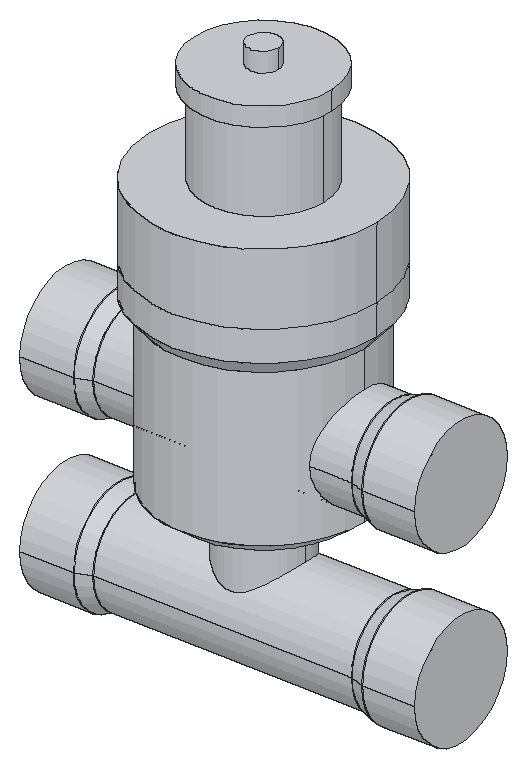
Revit family "VTX12P_DN15_PN16_RFA_2018", category Pipe Accessories, Revit 2018
Family settings
  Round Connector Dimension = Use Diameter
  Part Type = Valve - Breaks Into
  Work Plane-Based = No
  Always vertical = Yes
  Cut with Voids When Loaded = No
  Shared = No
Parameters (values of type "VTX12P G1/2  PN16 kvs1,0")
  magiProductId = ""
  magiProductFamilyId = ""
  magiPartTypeId = 306
  isMeasuringValve [instance] = no
  ang2D [instance] = 0.00°
  Z8 = 4 mm
  Z7__ve = -Z7  # -2.5 mm
  Z7 = 2.5 mm
  Z5 = 9.45 mm
  Z3 = 2 mm
  Z2 = 8.05 mm
  X4__ve = -X4  # -7 mm
  X4 = 7 mm
  X3 = 34 mm
  W2D = 15 mm
  VersionID = ""
  Use Minimum Symbol Size [instance] = yes
  URL = "www.hydronix.cz"
  Type Comments = "Závitový, vnější závit, ploché těsnění; LIN charakteristika; PN16; +5~+95°C; max.rychlost proudění 3,0 m/s"
  R9 = 9 mm
  R8 = 2 mm
  R7 = 15 mm
  R6 = 10.64 mm
  R5 = 6.703 mm
  R4 = 5.586 mm
  R2 = 13.3 mm
  R10 = 8 mm
  R1 = 6.75 mm
  QmdConnectorList = "301;D;302;D"
  Productdata [instance] = ""
  Manufacturer = "Hydronix"
  MC2 = yes
  MC Product Code = "VTX12P (G1/2\"; dpmax=250kPa; kvs 1,0)"
  MC = no
  LT2 = 19 mm
  L2D_Min = 3048 mm
  L2D = 38 mm
  H1 = 20.5 mm
  H = 27 mm
  E = 16 mm
  Description = "3 cestný regulační ventil malých spotřebičů s obtokem, DN15; zdvih 2,5mm; max dp 250kPa; kvs1,0"
  DT2 = 7.5 mm
  D = 15 mm
  CAT0 = yes
  C = 23 mm
Types (8, lengths in mm): name | Z5 | Z2 | X3 | R6 | R5 | R4 | R2 | R1 | MC Product Code | LT2 | H1 | H | Description | DT2 | D | C
  VTX09P G1/2  PN16 kvs0,25 | 9.45 | 8.05 | 34 | 10.64 | 6.703 | 5.586 | 13.3 | 6.75 | "VTX09P (G1/2\"; dpmax=250kPa; kvs 0,25)" | 19 | 20.5 | 27 | "3 cestný regulační ventil malých spotřebičů s obtokem, DN15; zdvih 2,5mm; max dp 250kPa; kvs0,25" | 7.5 | 15 | 23
  VTX10P G1/2  PN16 kvs0,4 | 9.45 | 8.05 | 34 | 10.64 | 6.703 | 5.586 | 13.3 | 6.75 | "VTX10P (G1/2\"; dpmax=250kPa; kvs 0,4)" | 19 | 20.5 | 27 | "3 cestný regulační ventil malých spotřebičů s obtokem, DN15; zdvih 2,5mm; max dp 250kPa; kvs0,4" | 7.5 | 15 | 23
  VTX12P G1/2  PN16 kvs1,0 | 9.45 | 8.05 | 34 | 10.64 | 6.703 | 5.586 | 13.3 | 6.75 | "VTX12P (G1/2\"; dpmax=250kPa; kvs 1,0)" | 19 | 20.5 | 27 | "3 cestný regulační ventil malých spotřebičů s obtokem, DN15; zdvih 2,5mm; max dp 250kPa; kvs1,0" | 7.5 | 15 | 23
  VTX13P G1/2  PN16 kvs1,6 | 9.45 | 8.05 | 34 | 10.64 | 6.703 | 5.586 | 13.3 | 6.75 | "VTX13P (G1/2\"; dpmax=250kPa; kvs 1,6)" | 19 | 20.5 | 27 | "3 cestný regulační ventil malých spotřebičů s obtokem, DN15; zdvih 2,5mm; max dp 250kPa; kvs1,6" | 7.5 | 15 | 23
  VTX21P G3/4  PN16 kvs2,5 | 9.1 | 17.5 | 38 | 11.76 | 7.409 | 6.174 | 14.7 | 9 | "VTX21P (G3/4\"; dpmax=150kPa; kvs 2,5)" | 21 | 37.4 | 26 | "3 cestný regulační ventil malých spotřebičů s obtokem, DN20; zdvih 2,5mm; max dp 150kPa; kvs2,5" | 10 | 20 | 50
  VTX24P G3/4  PN16 kvs4,0 | 9.1 | 17.5 | 38 | 11.76 | 7.409 | 6.174 | 14.7 | 9 | "VTX24P (G3/4\"; dpmax A-AB=100kPa;  dpmax B-AB=40kPa;  kvs 4,0)" | 21 | 37.4 | 26 | "3 cestný regulační ventil malých spotřebičů s obtokem, DN20; zdvih 2,5mm; max dp A-AB 100kPa; max dp B-AB 40kPa; kvs4,0" | 10 | 20 | 50
  VTX26P G3/4  PN16 kvs6,0 | 9.1 | 17.5 | 38 | 11.76 | 7.409 | 6.174 | 14.7 | 9 | "VTX26P (G3/4\"; dpmax A-AB=100kPa;  dpmax B-AB=40kPa; kvs 6,0)" | 21 | 37.4 | 26 | "3 cestný regulační ventil malých spotřebičů s obtokem, DN20; zdvih 2,5mm; max dp A-AB 100kPa; max dp B-AB 40kPa; kvs6,0" | 10 | 20 | 50
  VTX11P G1/2  PN16 kvs0,6 | 9.45 | 8.05 | 34 | 10.64 | 6.703 | 5.586 | 13.3 | 6.75 | "VTX11P (G1/2\"; dpmax=250kPa; kvs 0,6)" | 19 | 20.5 | 27 | "3 cestný regulační ventil malých spotřebičů s obtokem, DN15; zdvih 2,5mm; max dp 250kPa; kvs0,6" | 7.5 | 15 | 23
Reference planes
  plane 1 "Center (Front/Back)": y = 0
  plane 2 "XYPLANE": z = 0
  plane 3 "Center (Left/Right)": x = 0
  plane 4 "271": z = 38
  plane 5 "254": z = 11.55
  plane 6 "253": z = 17.55
  plane 7 "148": z = 40.5
  plane 8 "132": z = 43
  plane 9 "62": z = 13.55
  plane 10 "53": z = 27
  plane 11 "52": z = -8.95
  plane 12 "48": z = -10.95
  plane 13 "47": z = -12.95
  plane 14 "38": z = -21
  plane 15 "37": x = 17
  plane 16 "36": x = 19
  plane 17 "23": z = -23
  plane 18 "19": x = -17
  plane 19 "15": x = -19
  plane 20 "6": x = 26
  plane 21 "5": x = -26
  plane 22 "3": z = 0
  plane 23 "2": y = 0
  plane 24 "1": x = 0
Forms (mm)
  Extrusion 1, solid
    sketch origin (-17, -750, 0) x (0, 1, 0) y (0, 0, 1)
      loop
        circle (750, -23) r 6.75
    from 0 to 34 <- "X3"
  Blend 2, solid
    base sketch origin (19, -750, 0) x (0, 1, 0) y (0, 0, 1)
      loop
        circle (750, -23) r 7.5
    top sketch origin (19, -750, 0) x (0, 1, 0) y (0, 0, 1)
      loop
        circle (750, -23) r 6.75
    from 0 to -2
  Extrusion 3, solid
    sketch origin (26, -750, 0) x (0, 1, 0) y (0, 0, 1)
      loop
        circle (750, -23) r 7.5
    from 0 to -7 <- "X4__ve"
  Extrusion 4, solid
    sketch origin (-26, -750, 0) x (0, 1, 0) y (0, 0, 1)
      loop
        circle (750, -23) r 7.5
    from 0 to 7 <- "X4"
  Blend 5, solid
    base sketch origin (-19, -750, 0) x (0, 1, 0) y (0, 0, 1)
      loop
        circle (750, -23) r 7.5
    top sketch origin (-19, -750, 0) x (0, 1, 0) y (0, 0, 1)
      loop
        circle (750, -23) r 6.75
    from 0 to 2
  Extrusion 6, solid, visible <- "CAT0"
    sketch origin (-750, 0, 43) x (1, 0, 0) y (0, 1, 0)
      loop
        circle (750, 0) r 2
    from 0 to -2.5 <- "Z7__ve"
  Extrusion 7, solid, visible <- "CAT0"
    sketch origin (-750, 0, 38) x (1, 0, 0) y (0, 1, 0)
      loop
        circle (750, 0) r 8
    from 0 to -19
  Extrusion 8, solid, visible <- "CAT0"
    sketch origin (-17, -750, 0) x (0, 1, 0) y (0, 0, 1)
      loop
        circle (750, 0) r 6.75
    from 0 to 34 <- "X3"
  Extrusion 9, solid
    sketch origin (-750, 0, 13.55) x (1, 0, 0) y (0, 1, 0)
      loop
        circle (750, 0) r 15
    from 0 to 4 <- "Z8"
  Extrusion 10, solid
    sketch origin (-750, 0, 40.5) x (1, 0, 0) y (0, 1, 0)
      loop
        circle (750, 0) r 9
    from 0 to -2.5 <- "Z7__ve"
  Extrusion 11, solid
    sketch origin (-750, 0, 17.55) x (1, 0, 0) y (0, 1, 0)
      loop
        circle (750, 0) r 15
    from 0 to 9.45 <- "Z5"
  Blend 12, solid
    base sketch origin (-750, 0, 11.55) x (1, 0, 0) y (0, 1, 0)
      loop
        circle (750, 0) r 13.3
    top sketch origin (-750, 0, 11.55) x (1, 0, 0) y (0, 1, 0)
      loop
        circle (750, 0) r 15
    from 0 to 2
  Blend 13, solid
    base sketch origin (-750, 0, -8.95) x (1, 0, 0) y (0, 1, 0)
      loop
        circle (750, 0) r 13.3
    top sketch origin (-750, 0, -8.95) x (1, 0, 0) y (0, 1, 0)
      loop
        circle (750, 0) r 10.64
    from 0 to -2
  Blend 14, solid
    base sketch origin (-750, 0, -10.95) x (1, 0, 0) y (0, 1, 0)
      loop
        circle (750, 0) r 6.703
    top sketch origin (-750, 0, -10.95) x (1, 0, 0) y (0, 1, 0)
      loop
        circle (750, 0) r 5.586
    from 0 to -2
  Extrusion 15, solid
    sketch origin (-750, 0, -21) x (1, 0, 0) y (0, 1, 0)
      loop
        circle (750, 0) r 5.586
    from 0 to 8.05 <- "Z2"
  Extrusion 16, solid
    sketch origin (26, -750, 0) x (0, 1, 0) y (0, 0, 1)
      loop
        circle (750, 0) r 7.5
    from 0 to -7 <- "X4__ve"
  Blend 17, solid
    base sketch origin (19, -750, 0) x (0, 1, 0) y (0, 0, 1)
      loop
        circle (750, 0) r 7.5
    top sketch origin (19, -750, 0) x (0, 1, 0) y (0, 0, 1)
      loop
        circle (750, 0) r 6.75
    from 0 to -2
  Extrusion 18, solid
    sketch origin (-750, 0, -8.95) x (1, 0, 0) y (0, 1, 0)
      loop
        circle (750, 0) r 13.3
    from 0 to 20.5 <- "H1"
  Blend 19, solid
    base sketch origin (-19, -750, 0) x (0, 1, 0) y (0, 0, 1)
      loop
        circle (750, 0) r 7.5
    top sketch origin (-19, -750, 0) x (0, 1, 0) y (0, 0, 1)
      loop
        circle (750, 0) r 6.75
    from 0 to 2
  Extrusion 20, solid
    sketch origin (-26, -750, 0) x (0, 1, 0) y (0, 0, 1)
      loop
        circle (750, 0) r 7.5
    from 0 to 7 <- "X4"
  Extrusion 21, solid, not visible
    sketch origin (19, -750, 0) x (0, 1, 0) y (0, 0, 1)
      loop
        circle (750, 0) r 10
    from 0 to -10
  Extrusion 22, solid, not visible
    sketch origin (-19, -750, 0) x (0, 1, 0) y (0, 0, 1)
      loop
        circle (750, 0) r 10
    from 0 to 10
Lines and regions (mm)
  reference lines, not visible
    curve 1: circle (2, 2, 0) r 1 normal (0, 0, 1)
Dimensions and locks
  plane 1 "Center (Front/Back)" to curve 1 = 2 mm
  "Z7": plane 7 "148" to plane 4 "271"
  "Z3": plane 9 "62" to plane 5 "254"
  "Z5": plane 10 "53" to plane 6 "253"
  "Z7": plane 8 "132" to plane 7 "148"
  "E": plane 10 "53" to plane 8 "132"
  "Z8": plane 6 "253" to plane 9 "62"
  "H": plane 2 "XYPLANE" to plane 10 "53"
  "Z3": plane 12 "48" to plane 11 "52"
  "Z3": plane 13 "47" to plane 12 "48"
  "Z2": plane 14 "38" to plane 13 "47"
  "Z3": plane 17 "23" to plane 14 "38"
  locked: plane 16 "36" to plane 15 "37" at 2
  "LT2": plane 3 "Center (Left/Right)" to plane 16 "36"
  "C": plane 2 "XYPLANE" to plane 17 "23"
  locked: plane 19 "15" to plane 18 "19" at 2
  "LT2": plane 3 "Center (Left/Right)" to plane 19 "15"
  "X4": plane 16 "36" to plane 20 "6"
  "X4": plane 19 "15" to plane 21 "5"
  locked: plane 2 "XYPLANE" to plane 22 "3"
  locked: plane 1 "Center (Front/Back)" to plane 23 "2"
  locked: plane 3 "Center (Left/Right)" to plane 24 "1"
  "R1": radius of Extrusion 1 sketch curve
  "R1": radius of Blend 2 sketch curve
  "DT2": radius of Blend 2 sketch curve
  "DT2": radius of Extrusion 3 sketch curve
  "DT2": radius of Extrusion 4 sketch curve
  "R1": radius of Blend 5 sketch curve
  "DT2": radius of Blend 5 sketch curve
  "R8": radius of Extrusion 6 sketch curve
  "R10": radius of Extrusion 7 sketch curve
  "R1": radius of Extrusion 8 sketch curve
  "R7": radius of Extrusion 9 sketch curve
  "R9": radius of Extrusion 10 sketch curve
  "R7": radius of Extrusion 11 sketch curve
  "R7": radius of Blend 12 sketch curve
  "R2": radius of Blend 12 sketch curve
  "R6": radius of Blend 13 sketch curve
  "R2": radius of Blend 13 sketch curve
  "R4": radius of Blend 14 sketch curve
  "R5": radius of Blend 14 sketch curve
  "R4": radius of Extrusion 15 sketch curve
  "DT2": radius of Extrusion 16 sketch curve
  "R1": radius of Blend 17 sketch curve
  "DT2": radius of Blend 17 sketch curve
  "R2": radius of Extrusion 18 sketch curve
  "R1": radius of Blend 19 sketch curve
  "DT2": radius of Blend 19 sketch curve
  "DT2": radius of Extrusion 20 sketch curve
  aligned and locked: level to plane 2 "XYPLANE"
  aligned and locked: plane 17 "23" to Extrusion 1 sketch curve
  aligned and locked: Extrusion 1 sketch curve to plane 23 "2"
  aligned and locked: plane 17 "23" to Blend 2 sketch curve  (x2)
  aligned and locked: Blend 2 sketch curve to plane 23 "2"  (x2)
  aligned and locked: Blend 2 to plane 15 "37"
  aligned and locked: plane 17 "23" to Extrusion 3 sketch curve
  aligned and locked: Extrusion 3 sketch curve to plane 23 "2"
  aligned and locked: plane 17 "23" to Extrusion 4 sketch curve
  aligned and locked: Extrusion 4 sketch curve to plane 23 "2"
  aligned and locked: plane 17 "23" to Blend 5 sketch curve  (x2)
  aligned and locked: Blend 5 sketch curve to plane 23 "2"  (x2)
  aligned and locked: plane 18 "19" to Blend 5
  aligned and locked: plane 23 "2" to Extrusion 6 sketch curve
  aligned and locked: plane 24 "1" to Extrusion 6 sketch curve
  aligned and locked: plane 23 "2" to Extrusion 7 sketch curve
  aligned and locked: plane 24 "1" to Extrusion 7 sketch curve
  aligned and locked: plane 22 "3" to Extrusion 8 sketch curve
  aligned and locked: Extrusion 8 sketch curve to plane 23 "2"
  aligned and locked: plane 23 "2" to Extrusion 9 sketch curve
  aligned and locked: plane 24 "1" to Extrusion 9 sketch curve
  aligned and locked: plane 23 "2" to Extrusion 10 sketch curve
  aligned and locked: plane 24 "1" to Extrusion 10 sketch curve
  aligned and locked: plane 23 "2" to Extrusion 11 sketch curve
  aligned and locked: plane 24 "1" to Extrusion 11 sketch curve
  aligned and locked: plane 23 "2" to Blend 12 sketch curve  (x2)
  aligned and locked: plane 24 "1" to Blend 12 sketch curve  (x2)
  aligned and locked: plane 9 "62" to Blend 12
  aligned and locked: plane 23 "2" to Blend 13 sketch curve  (x2)
  aligned and locked: plane 24 "1" to Blend 13 sketch curve  (x2)
  aligned and locked: Blend 13 to plane 12 "48"
  aligned and locked: plane 23 "2" to Blend 14 sketch curve  (x2)
  aligned and locked: plane 24 "1" to Blend 14 sketch curve  (x2)
  aligned and locked: Blend 14 to plane 13 "47"
  aligned and locked: plane 23 "2" to Extrusion 15 sketch curve
  aligned and locked: plane 24 "1" to Extrusion 15 sketch curve
  aligned and locked: plane 22 "3" to Extrusion 16 sketch curve
  aligned and locked: Extrusion 16 sketch curve to plane 23 "2"
  aligned and locked: plane 22 "3" to Blend 17 sketch curve  (x2)
  aligned and locked: Blend 17 sketch curve to plane 23 "2"  (x2)
  aligned and locked: Blend 17 to plane 15 "37"
  aligned and locked: plane 23 "2" to Extrusion 18 sketch curve
  aligned and locked: plane 24 "1" to Extrusion 18 sketch curve
  aligned and locked: plane 22 "3" to Blend 19 sketch curve  (x2)
  aligned and locked: Blend 19 sketch curve to plane 23 "2"  (x2)
  aligned and locked: plane 18 "19" to Blend 19
  aligned and locked: plane 22 "3" to Extrusion 20 sketch curve
  aligned and locked: Extrusion 20 sketch curve to plane 23 "2"
  aligned and locked: plane 22 "3" to Extrusion 21 sketch curve
  aligned and locked: Extrusion 21 sketch curve to plane 23 "2"
  aligned and locked: plane 22 "3" to Extrusion 22 sketch curve
  aligned and locked: Extrusion 22 sketch curve to plane 23 "2"
Automatic sketch dimensions
  plane 1 "Center (Front/Back)" to Extrusion 21 sketch curve = 10 mm
  plane 1 "Center (Front/Back)" to Extrusion 22 sketch curve = 10 mm
  plane 3 "Center (Left/Right)" to curve 1 = 2 mm
  radius of curve 1 = 1 mm
Connectors
  piping at (-19, 0, 0), diameter 15, driven by "D"
    settings: on Extrusion 22, index 1, connector inside diameter 609.6 mm, connector length 0 mm, flow factor 0, pipe flow 0.0 L/s, pressure drop 0.0 Pa, fitting loss kfactor 0, connector angle 0.00°, fixture units 0, engagement length 0 mm, angle of deflection 0.00°, flow configuration 0, flow direction 0, fitting loss method 0, system type 29, joint type 0, gender type 0, connector reference index 2, connector utility 0, adjustable connector no, is connector primary yes, connector description ""
  piping at (19, 0, 0), diameter 15, driven by "D"
    settings: on Extrusion 21, index 2, connector inside diameter 609.6 mm, connector length 0 mm, flow factor 0, pipe flow 0.0 L/s, pressure drop 0.0 Pa, fitting loss kfactor 0, connector angle 0.00°, fixture units 0, engagement length 0 mm, angle of deflection 0.00°, flow configuration 0, flow direction 0, fitting loss method 0, system type 29, joint type 0, gender type 0, connector reference index 1, connector utility 0, adjustable connector no, is connector primary no, connector description ""
